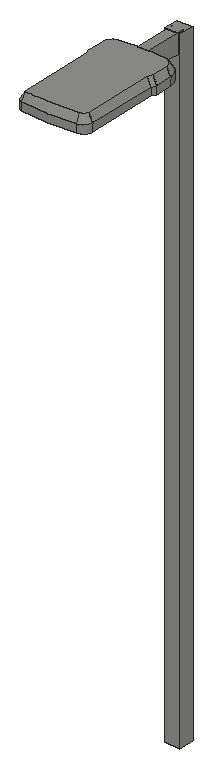
Revit family "VP-3-ASQU", category Lighting Fixtures, host Face, Revit 2019 (continued)
Definition of nested family "SIZE3"
  Forms (in)
    Extrusion 50, void
      sketch origin (0, 0, 3.625) x (1, 0, 0) y (0, 0, 1)
        loop
          line (6.815, 9.21501) -> (6.815, 10.21501)
          arc (6.815, 10.21501) -> (-0.07108, 8.88597) -> (-6.94707, 10.26622) r 18.15382
        loop
          line (-6.85535, 8.24972) -> (-6.85535, 7.97854)
          arc (-6.85535, 7.97854) -> (-0.06712, 6.63595) -> (6.73035, 7.93095) r 18.15382
          line (6.73035, 7.93095) -> (6.73035, 8.20243)
          arc (6.73035, 8.20243) -> (-0.06706, 6.91477) -> (-6.85535, 8.24972) r 18.25
        loop
          line (-6.85535, 7.49972) -> (-6.85535, 7.22854)
          arc (-6.85535, 7.22854) -> (-0.06712, 5.88595) -> (6.73035, 7.18095) r 18.15382
          line (6.73035, 7.18095) -> (6.73035, 7.45243)
          arc (6.73035, 7.45243) -> (-0.06706, 6.16477) -> (-6.85535, 7.49972) r 18.25
      from 1 to 1.75
    Blend 51, solid, material <- "Fixture"
      base sketch origin (0, 0, 0) x (1, 0, 0) y (0, 0, 1)
        loop
          arc (-6.75192, 33.95884) -> (-7.48558, 33.52919) -> (-7.77472, 32.72966) r 1.25
          line (-7.77472, 32.72966) -> (-7.77472, 15.72202) -> (-8.18, 14.67799) -> (-8.18, 10.64521)
          arc (-8.18, 10.64521) -> (-7.52407, 8.68733) -> (-5.82104, 7.51974) r 3.25
          arc (-5.82104, 7.51974) -> (-2.92086, 7.15165) -> (0, 7.02866) r 34.74571
          arc (0, 7.02866) -> (2.92086, 7.15165) -> (5.82104, 7.51974) r 34.74571
          arc (5.82104, 7.51974) -> (7.52407, 8.68733) -> (8.18, 10.64521) r 3.25
          line (8.18, 10.64521) -> (8.18, 14.67799) -> (7.7425, 15.80502) -> (7.7425, 32.05879)
          arc (7.7425, 32.05879) -> (7.16964, 33.45997) -> (5.77922, 34.05846) r 2
          arc (5.77922, 34.05846) -> (-0.48981, 34.44343) -> (-6.75192, 33.95884) r 45.36519
      top sketch origin (0, 0, 0) x (1, 0, 0) y (0, 0, 1)
        loop
          arc (5.71398, 33.05839) -> (-0.43659, 33.4438) -> (-6.58122, 32.97319) r 44.36519
          arc (-6.58122, 32.97319) -> (-6.72046, 32.88519) -> (-6.77472, 32.72966) r 0.25
          line (-6.77472, 32.72966) -> (-6.77472, 15.53474) -> (-7.18, 14.49071) -> (-7.18, 10.64521)
          arc (-7.18, 10.64521) -> (-6.74089, 9.30985) -> (-5.59495, 8.49571) r 2.25
          arc (-5.59495, 8.49571) -> (-2.89422, 8.15301) -> (-0.17465, 8.02912) r 33.74571
          arc (-0.17465, 8.02912) -> (2.72017, 8.13848) -> (5.59495, 8.49571) r 33.74571
          arc (5.59495, 8.49571) -> (6.74089, 9.30985) -> (7.18, 10.64521) r 2.25
          line (7.18, 10.64521) -> (7.18, 14.49071) -> (6.7425, 15.61774) -> (6.7425, 32.05879)
          arc (6.7425, 32.05879) -> (6.43945, 32.77591) -> (5.71398, 33.05839) r 1
      from 0 to -1.74
  Cuts and joins
    Extrusion 4, Extrusion 50 cuts Extrusion 2
    Extrusion 4, Extrusion 50 cuts Extrusion 3
    joined: Extrusion 2, Extrusion 3
  Dimensions and locks (in)
    equal spacing: plane 4, plane 3 "Center (Left/Right)", plane 5
    "Width": plane 4 to plane 5
    "Length": plane 7 to plane 6
    "Mount Length": plane 6 to plane 2
    aligned and locked: plane 2 to Extrusion 1
    aligned and locked: level to Extrusion 1
    aligned and locked: plane 1 "Center (Front/Back)" to Blend 51
  Automatic sketch dimensions
    Extrusion 1 sketch curve to Extrusion 1 sketch curve = 96.00"  (x2)
    Extrusion 2 sketch curve to plane 3 "Center (Left/Right)" = 0.00"
    Extrusion 2 sketch curve to plane 3 "Center (Left/Right)" = 0.12919"
    plane 5 to Extrusion 2 sketch curve = 3.125"
    plane 5 to Extrusion 2 sketch curve = 1.53028"
    plane 5 to Extrusion 2 sketch curve = 0.28028"
    Extrusion 2 sketch curve to plane 5 = 0.125"
    Extrusion 2 sketch curve to plane 4 = 3.125"
    Extrusion 2 sketch curve to plane 4 = 2.3125"
    Extrusion 2 sketch curve to plane 4 = 0.3125"
    plane 4 to Extrusion 2 sketch curve = 0.125"
    Extrusion 2 sketch curve to level = 10.92033"
    plane 6 to Extrusion 2 sketch curve = 3.14521"
    Extrusion 2 sketch curve to Extrusion 2 sketch curve = 0.00"
    Extrusion 2 sketch curve to Extrusion 2 sketch curve = 4.03278"  (x2)
    Extrusion 2 sketch curve to Extrusion 2 sketch curve = 1.04403"
    Extrusion 2 sketch curve to Extrusion 2 sketch curve = 1.12703"
    Extrusion 2 sketch curve to plane 7 = 2.41121"
    Extrusion 2 sketch curve to Extrusion 2 sketch curve = 0.67087"
    plane 7 to Extrusion 2 sketch curve = 7.30438"
    plane 6 to Extrusion 2 sketch curve = 0.01974"
    Extrusion 2 sketch curve to plane 7 = 0.51116"
    Extrusion 3 sketch curve to plane 9 = 0.00"
    Extrusion 3 sketch curve to plane 8 = 0.1127"
    plane 8 to Extrusion 3 sketch curve = 1.12955"
    Extrusion 3 sketch curve to level = 1.406"
    plane 6 to Extrusion 3 sketch curve = 0.63918"
    plane 5 to Extrusion 4 sketch curve = 1.27892"
    plane 3 "Center (Left/Right)" to Extrusion 4 sketch curve = 0.06506"
    Extrusion 4 sketch curve to plane 4 = 1.125"
    Extrusion 4 sketch curve to level = 39.4018"
    plane 6 to Extrusion 4 sketch curve = 7.63674"
    Extrusion 4 sketch curve to plane 7 = 2.31818"
    plane 5 to Extrusion 5 sketch curve = 2.15013"
    Extrusion 5 sketch curve to Extrusion 5 sketch curve = 0.35"  (x3)
    Extrusion 5 sketch curve to plane 4 = 2.50013"  (x2)
    Extrusion 5 sketch curve to plane 7 = 7.81818"
    Extrusion 5 sketch curve to plane 7 = 2.66818"
    plane 5 to Extrusion 6 sketch curve = 3.08171"
    Extrusion 6 sketch curve to Extrusion 6 sketch curve = 0.00"  (x61)
    Extrusion 6 sketch curve to Extrusion 6 sketch curve = 0.51875"  (x27)
    Extrusion 6 sketch curve to plane 7 = 7.01806"
    Extrusion 6 sketch curve to Extrusion 6 sketch curve = 0.50"  (x72)
    plane 5 to Extrusion 7 sketch curve = 2.39345"
    Extrusion 7 sketch curve to Extrusion 7 sketch curve = 0.25"  (x3)
    Extrusion 7 sketch curve to plane 3 "Center (Left/Right)" = 0.54655"  (x2)
    Extrusion 7 sketch curve to plane 7 = 7.5141"
    Extrusion 7 sketch curve to plane 7 = 2.7641"
    Extrusion 8 sketch curve to plane 4 = 1.99807"
    Extrusion 8 sketch curve to plane 8 = 0.46661"
    Extrusion 8 sketch curve to Extrusion 8 sketch curve = 0.02618"
    Extrusion 8 sketch curve to Extrusion 8 sketch curve = 0.1119"
    Extrusion 8 sketch curve to plane 8 = 0.03691"
    Extrusion 8 sketch curve to Extrusion 8 sketch curve = 0.36056"
    Extrusion 8 sketch curve to plane 8 = 0.00781"
    Extrusion 8 sketch curve to Extrusion 8 sketch curve = 0.06241"
    Extrusion 8 sketch curve to Extrusion 8 sketch curve = 0.42393"
    Extrusion 8 sketch curve to Extrusion 8 sketch curve = 0.73219"
    plane 4 to Extrusion 9 sketch curve = 3.08171"
    Extrusion 9 sketch curve to Extrusion 9 sketch curve = 0.00"  (x61)
    Extrusion 9 sketch curve to Extrusion 9 sketch curve = 0.51875"  (x27)
    plane 7 to Extrusion 9 sketch curve = 7.01806"
    Extrusion 9 sketch curve to Extrusion 9 sketch curve = 0.50"  (x72)
    plane 4 to Extrusion 10 sketch curve = 2.39345"
    Extrusion 10 sketch curve to Extrusion 10 sketch curve = 0.25"  (x3)
    Extrusion 10 sketch curve to plane 3 "Center (Left/Right)" = 0.54655"  (x2)
    plane 7 to Extrusion 10 sketch curve = 7.5141"
    plane 7 to Extrusion 10 sketch curve = 2.7641"
    plane 5 to Extrusion 11 sketch curve = 2.15013"
    Extrusion 11 sketch curve to Extrusion 11 sketch curve = 0.35"  (x3)
    Extrusion 11 sketch curve to plane 4 = 2.50013"  (x2)
    Extrusion 11 sketch curve to plane 7 = 13.31818"
    Extrusion 11 sketch curve to Extrusion 11 sketch curve = 4.80"
    plane 5 to Extrusion 12 sketch curve = 3.08171"
    Extrusion 12 sketch curve to Extrusion 12 sketch curve = 0.00"  (x61)
    Extrusion 12 sketch curve to Extrusion 12 sketch curve = 0.51875"  (x27)
    Extrusion 12 sketch curve to plane 7 = 12.51806"
    Extrusion 12 sketch curve to Extrusion 12 sketch curve = 0.50"  (x72)
    plane 5 to Extrusion 13 sketch curve = 2.39345"
    Extrusion 13 sketch curve to Extrusion 13 sketch curve = 0.25"  (x3)
    Extrusion 13 sketch curve to plane 3 "Center (Left/Right)" = 0.54655"  (x2)
    Extrusion 13 sketch curve to plane 7 = 13.0141"
    Extrusion 13 sketch curve to Extrusion 13 sketch curve = 4.50"
    plane 4 to Extrusion 14 sketch curve = 3.08171"
    Extrusion 14 sketch curve to Extrusion 14 sketch curve = 0.00"  (x61)
    Extrusion 14 sketch curve to Extrusion 14 sketch curve = 0.51875"  (x27)
    plane 7 to Extrusion 14 sketch curve = 12.51806"
    Extrusion 14 sketch curve to Extrusion 14 sketch curve = 0.50"  (x72)
    plane 4 to Extrusion 15 sketch curve = 2.39345"
    Extrusion 15 sketch curve to Extrusion 15 sketch curve = 0.25"  (x3)
    Extrusion 15 sketch curve to plane 3 "Center (Left/Right)" = 0.54655"  (x2)
    plane 7 to Extrusion 15 sketch curve = 13.0141"
    Extrusion 15 sketch curve to Extrusion 15 sketch curve = 4.50"
    Extrusion 16 sketch curve to plane 5 = 2.15013"
    Extrusion 16 sketch curve to Extrusion 16 sketch curve = 0.35"  (x3)
    plane 4 to Extrusion 16 sketch curve = 2.50013"  (x2)
    plane 7 to Extrusion 16 sketch curve = 13.31818"
    Extrusion 16 sketch curve to Extrusion 16 sketch curve = 4.80"
    Extrusion 17 sketch curve to plane 5 = 3.08171"
    Extrusion 17 sketch curve to Extrusion 17 sketch curve = 0.00"  (x61)
    Extrusion 17 sketch curve to Extrusion 17 sketch curve = 0.51875"  (x27)
    Extrusion 17 sketch curve to plane 6 = 12.8517"
    Extrusion 17 sketch curve to Extrusion 17 sketch curve = 0.50"  (x72)
    Extrusion 18 sketch curve to plane 5 = 2.39345"
    Extrusion 18 sketch curve to Extrusion 18 sketch curve = 0.25"  (x3)
    plane 3 "Center (Left/Right)" to Extrusion 18 sketch curve = 0.54655"  (x2)
    Extrusion 18 sketch curve to plane 6 = 13.34775"
    Extrusion 18 sketch curve to Extrusion 18 sketch curve = 4.50"
    Extrusion 19 sketch curve to plane 4 = 3.08171"
    Extrusion 19 sketch curve to Extrusion 19 sketch curve = 0.00"  (x61)
    Extrusion 19 sketch curve to Extrusion 19 sketch curve = 0.51875"  (x27)
    plane 6 to Extrusion 19 sketch curve = 12.8517"
    Extrusion 19 sketch curve to Extrusion 19 sketch curve = 0.50"  (x72)
    Extrusion 20 sketch curve to plane 4 = 2.39345"
    Extrusion 20 sketch curve to Extrusion 20 sketch curve = 0.25"  (x3)
    plane 3 "Center (Left/Right)" to Extrusion 20 sketch curve = 0.54655"  (x2)
    plane 6 to Extrusion 20 sketch curve = 13.34775"
    Extrusion 20 sketch curve to Extrusion 20 sketch curve = 4.50"
    Extrusion 21 sketch curve to plane 4 = 1.99807"
    Extrusion 21 sketch curve to plane 8 = 0.46661"
    Extrusion 21 sketch curve to Extrusion 21 sketch curve = 0.02618"
    Extrusion 21 sketch curve to Extrusion 21 sketch curve = 0.1119"
    Extrusion 21 sketch curve to plane 8 = 0.03691"
    Extrusion 21 sketch curve to Extrusion 21 sketch curve = 0.36056"
    Extrusion 21 sketch curve to plane 8 = 0.00781"
    Extrusion 21 sketch curve to Extrusion 21 sketch curve = 0.06241"
    Extrusion 21 sketch curve to Extrusion 21 sketch curve = 0.42393"
    Extrusion 21 sketch curve to Extrusion 21 sketch curve = 0.73219"
    Extrusion 22 sketch curve to plane 4 = 1.99807"
    Extrusion 22 sketch curve to plane 8 = 0.46661"
    Extrusion 22 sketch curve to Extrusion 22 sketch curve = 0.02618"
    Extrusion 22 sketch curve to Extrusion 22 sketch curve = 0.1119"
    Extrusion 22 sketch curve to plane 8 = 0.03691"
    Extrusion 22 sketch curve to Extrusion 22 sketch curve = 0.36056"
    Extrusion 22 sketch curve to plane 8 = 0.00781"
    Extrusion 22 sketch curve to Extrusion 22 sketch curve = 0.06241"
    Extrusion 22 sketch curve to Extrusion 22 sketch curve = 0.42393"
    Extrusion 22 sketch curve to Extrusion 22 sketch curve = 0.73219"
    Extrusion 23 sketch curve to plane 4 = 1.99807"
    Extrusion 23 sketch curve to plane 8 = 0.46661"
    Extrusion 23 sketch curve to Extrusion 23 sketch curve = 0.02618"
    Extrusion 23 sketch curve to Extrusion 23 sketch curve = 0.1119"
    Extrusion 23 sketch curve to plane 8 = 0.03691"
    Extrusion 23 sketch curve to Extrusion 23 sketch curve = 0.36056"
    Extrusion 23 sketch curve to plane 8 = 0.00781"
    Extrusion 23 sketch curve to Extrusion 23 sketch curve = 0.06241"
    Extrusion 23 sketch curve to Extrusion 23 sketch curve = 0.42393"
    Extrusion 23 sketch curve to Extrusion 23 sketch curve = 0.73219"
    Extrusion 24 sketch curve to plane 4 = 1.99807"
    Extrusion 24 sketch curve to plane 8 = 0.46661"
    Extrusion 24 sketch curve to Extrusion 24 sketch curve = 0.02618"
    Extrusion 24 sketch curve to Extrusion 24 sketch curve = 0.1119"
    Extrusion 24 sketch curve to plane 8 = 0.03691"
    Extrusion 24 sketch curve to Extrusion 24 sketch curve = 0.36056"
    Extrusion 24 sketch curve to plane 8 = 0.00781"
    Extrusion 24 sketch curve to Extrusion 24 sketch curve = 0.06241"
    Extrusion 24 sketch curve to Extrusion 24 sketch curve = 0.42393"
    Extrusion 24 sketch curve to Extrusion 24 sketch curve = 0.73219"
    Extrusion 25 sketch curve to plane 4 = 1.99807"
    Extrusion 25 sketch curve to plane 8 = 0.46661"
    Extrusion 25 sketch curve to Extrusion 25 sketch curve = 0.02618"
    Extrusion 25 sketch curve to Extrusion 25 sketch curve = 0.1119"
    Extrusion 25 sketch curve to plane 8 = 0.03691"
    Extrusion 25 sketch curve to Extrusion 25 sketch curve = 0.36056"
    Extrusion 25 sketch curve to plane 8 = 0.00781"
    Extrusion 25 sketch curve to Extrusion 25 sketch curve = 0.06241"
    Extrusion 25 sketch curve to Extrusion 25 sketch curve = 0.42393"
    Extrusion 25 sketch curve to Extrusion 25 sketch curve = 0.73219"
    Extrusion 26 sketch curve to plane 4 = 1.99807"
    Extrusion 26 sketch curve to plane 8 = 0.46661"
    Extrusion 26 sketch curve to Extrusion 26 sketch curve = 0.02618"
    Extrusion 26 sketch curve to Extrusion 26 sketch curve = 0.1119"
    Extrusion 26 sketch curve to plane 8 = 0.03691"
    Extrusion 26 sketch curve to Extrusion 26 sketch curve = 0.36056"
    Extrusion 26 sketch curve to plane 8 = 0.00781"
    Extrusion 26 sketch curve to Extrusion 26 sketch curve = 0.06241"
    Extrusion 26 sketch curve to Extrusion 26 sketch curve = 0.42393"
    Extrusion 26 sketch curve to Extrusion 26 sketch curve = 0.73219"
    Extrusion 27 sketch curve to plane 4 = 1.99807"
    Extrusion 27 sketch curve to plane 8 = 0.46661"
    Extrusion 27 sketch curve to Extrusion 27 sketch curve = 0.02618"
    Extrusion 27 sketch curve to Extrusion 27 sketch curve = 0.1119"
    Extrusion 27 sketch curve to plane 8 = 0.03691"
    Extrusion 27 sketch curve to Extrusion 27 sketch curve = 0.36056"
    Extrusion 27 sketch curve to plane 8 = 0.00781"
    Extrusion 27 sketch curve to Extrusion 27 sketch curve = 0.06241"
    Extrusion 27 sketch curve to Extrusion 27 sketch curve = 0.42393"
    Extrusion 27 sketch curve to Extrusion 27 sketch curve = 0.73219"
    Extrusion 28 sketch curve to plane 4 = 1.99807"
    Extrusion 28 sketch curve to plane 8 = 0.46661"
    Extrusion 28 sketch curve to Extrusion 28 sketch curve = 0.02618"
    Extrusion 28 sketch curve to Extrusion 28 sketch curve = 0.1119"
    Extrusion 28 sketch curve to plane 8 = 0.03691"
    Extrusion 28 sketch curve to Extrusion 28 sketch curve = 0.36056"
    Extrusion 28 sketch curve to plane 8 = 0.00781"
    Extrusion 28 sketch curve to Extrusion 28 sketch curve = 0.06241"
    Extrusion 28 sketch curve to Extrusion 28 sketch curve = 0.42393"
    Extrusion 28 sketch curve to Extrusion 28 sketch curve = 0.73219"
    Extrusion 29 sketch curve to plane 4 = 1.99807"
    Extrusion 29 sketch curve to plane 8 = 0.46661"
    Extrusion 29 sketch curve to Extrusion 29 sketch curve = 0.02618"
    Extrusion 29 sketch curve to Extrusion 29 sketch curve = 0.1119"
    Extrusion 29 sketch curve to plane 8 = 0.03691"
    Extrusion 29 sketch curve to Extrusion 29 sketch curve = 0.36056"
    Extrusion 29 sketch curve to plane 8 = 0.00781"
    Extrusion 29 sketch curve to Extrusion 29 sketch curve = 0.06241"
    Extrusion 29 sketch curve to Extrusion 29 sketch curve = 0.42393"
    Extrusion 29 sketch curve to Extrusion 29 sketch curve = 0.73219"
    Extrusion 30 sketch curve to plane 4 = 1.99807"
    Extrusion 30 sketch curve to plane 8 = 0.46661"
    Extrusion 30 sketch curve to Extrusion 30 sketch curve = 0.02618"
    Extrusion 30 sketch curve to Extrusion 30 sketch curve = 0.1119"
    Extrusion 30 sketch curve to plane 8 = 0.03691"
    Extrusion 30 sketch curve to Extrusion 30 sketch curve = 0.36056"
    Extrusion 30 sketch curve to plane 8 = 0.00781"
    Extrusion 30 sketch curve to Extrusion 30 sketch curve = 0.06241"
    Extrusion 30 sketch curve to Extrusion 30 sketch curve = 0.42393"
    Extrusion 30 sketch curve to Extrusion 30 sketch curve = 0.73219"
    Extrusion 31 sketch curve to plane 4 = 1.99807"
    Extrusion 31 sketch curve to plane 8 = 0.46661"
    Extrusion 31 sketch curve to Extrusion 31 sketch curve = 0.02618"
    Extrusion 31 sketch curve to Extrusion 31 sketch curve = 0.1119"
    Extrusion 31 sketch curve to plane 8 = 0.03691"
    Extrusion 31 sketch curve to Extrusion 31 sketch curve = 0.36056"
    Extrusion 31 sketch curve to plane 8 = 0.00781"
    Extrusion 31 sketch curve to Extrusion 31 sketch curve = 0.06241"
    Extrusion 31 sketch curve to Extrusion 31 sketch curve = 0.42393"
    Extrusion 31 sketch curve to Extrusion 31 sketch curve = 0.73219"
    Extrusion 32 sketch curve to plane 4 = 1.99807"
    Extrusion 32 sketch curve to plane 8 = 0.46661"
    Extrusion 32 sketch curve to Extrusion 32 sketch curve = 0.02618"
    Extrusion 32 sketch curve to Extrusion 32 sketch curve = 0.1119"
    Extrusion 32 sketch curve to plane 8 = 0.03691"
    Extrusion 32 sketch curve to Extrusion 32 sketch curve = 0.36056"
    Extrusion 32 sketch curve to plane 8 = 0.00781"
    Extrusion 32 sketch curve to Extrusion 32 sketch curve = 0.06241"
    Extrusion 32 sketch curve to Extrusion 32 sketch curve = 0.42393"
    Extrusion 32 sketch curve to Extrusion 32 sketch curve = 0.73219"
    Extrusion 33 sketch curve to plane 4 = 1.99807"
    Extrusion 33 sketch curve to plane 8 = 0.46661"
    Extrusion 33 sketch curve to Extrusion 33 sketch curve = 0.02618"
    Extrusion 33 sketch curve to Extrusion 33 sketch curve = 0.1119"
    Extrusion 33 sketch curve to plane 8 = 0.03691"
    Extrusion 33 sketch curve to Extrusion 33 sketch curve = 0.36056"
    Extrusion 33 sketch curve to plane 8 = 0.00781"
    Extrusion 33 sketch curve to Extrusion 33 sketch curve = 0.06241"
    Extrusion 33 sketch curve to Extrusion 33 sketch curve = 0.42393"
    Extrusion 33 sketch curve to Extrusion 33 sketch curve = 0.73219"
    Extrusion 34 sketch curve to plane 4 = 1.99807"
    Extrusion 34 sketch curve to plane 8 = 0.46661"
    Extrusion 34 sketch curve to Extrusion 34 sketch curve = 0.02618"
    Extrusion 34 sketch curve to Extrusion 34 sketch curve = 0.1119"
    Extrusion 34 sketch curve to plane 8 = 0.03691"
    Extrusion 34 sketch curve to Extrusion 34 sketch curve = 0.36056"
    Extrusion 34 sketch curve to plane 8 = 0.00781"
    Extrusion 34 sketch curve to Extrusion 34 sketch curve = 0.06241"
    Extrusion 34 sketch curve to Extrusion 34 sketch curve = 0.42393"
    Extrusion 34 sketch curve to Extrusion 34 sketch curve = 0.73219"
    plane 5 to Extrusion 35 sketch curve = 2.1387"
    Extrusion 35 sketch curve to plane 8 = 0.46661"
    Extrusion 35 sketch curve to Extrusion 35 sketch curve = 0.02618"
    Extrusion 35 sketch curve to Extrusion 35 sketch curve = 0.1119"
    Extrusion 35 sketch curve to plane 8 = 0.03691"
    Extrusion 35 sketch curve to Extrusion 35 sketch curve = 0.36056"
    Extrusion 35 sketch curve to plane 8 = 0.00781"
    Extrusion 35 sketch curve to Extrusion 35 sketch curve = 0.06241"
    Extrusion 35 sketch curve to Extrusion 35 sketch curve = 0.42393"
    Extrusion 35 sketch curve to Extrusion 35 sketch curve = 0.20146"
    plane 5 to Extrusion 36 sketch curve = 2.1387"
    Extrusion 36 sketch curve to plane 8 = 0.46661"
    Extrusion 36 sketch curve to Extrusion 36 sketch curve = 0.02618"
    Extrusion 36 sketch curve to Extrusion 36 sketch curve = 0.1119"
    Extrusion 36 sketch curve to plane 8 = 0.03691"
    Extrusion 36 sketch curve to Extrusion 36 sketch curve = 0.36056"
    Extrusion 36 sketch curve to plane 8 = 0.00781"
    Extrusion 36 sketch curve to Extrusion 36 sketch curve = 0.06241"
    Extrusion 36 sketch curve to Extrusion 36 sketch curve = 0.42393"
    Extrusion 36 sketch curve to Extrusion 36 sketch curve = 0.20146"
    plane 5 to Extrusion 37 sketch curve = 2.1387"
    Extrusion 37 sketch curve to plane 8 = 0.46661"
    Extrusion 37 sketch curve to Extrusion 37 sketch curve = 0.02618"
    Extrusion 37 sketch curve to Extrusion 37 sketch curve = 0.1119"
    Extrusion 37 sketch curve to plane 8 = 0.03691"
    Extrusion 37 sketch curve to Extrusion 37 sketch curve = 0.36056"
    Extrusion 37 sketch curve to plane 8 = 0.00781"
    Extrusion 37 sketch curve to Extrusion 37 sketch curve = 0.06241"
    Extrusion 37 sketch curve to Extrusion 37 sketch curve = 0.42393"
    Extrusion 37 sketch curve to Extrusion 37 sketch curve = 0.20146"
    plane 5 to Extrusion 38 sketch curve = 2.1387"
    Extrusion 38 sketch curve to plane 8 = 0.46661"
    Extrusion 38 sketch curve to Extrusion 38 sketch curve = 0.02618"
    Extrusion 38 sketch curve to Extrusion 38 sketch curve = 0.1119"
    Extrusion 38 sketch curve to plane 8 = 0.03691"
    Extrusion 38 sketch curve to Extrusion 38 sketch curve = 0.36056"
    Extrusion 38 sketch curve to plane 8 = 0.00781"
    Extrusion 38 sketch curve to Extrusion 38 sketch curve = 0.06241"
    Extrusion 38 sketch curve to Extrusion 38 sketch curve = 0.42393"
    Extrusion 38 sketch curve to Extrusion 38 sketch curve = 0.20146"
    plane 5 to Extrusion 39 sketch curve = 2.1387"
    Extrusion 39 sketch curve to plane 8 = 0.46661"
    Extrusion 39 sketch curve to Extrusion 39 sketch curve = 0.02618"
    Extrusion 39 sketch curve to Extrusion 39 sketch curve = 0.1119"
    Extrusion 39 sketch curve to plane 8 = 0.03691"
    Extrusion 39 sketch curve to Extrusion 39 sketch curve = 0.36056"
    Extrusion 39 sketch curve to plane 8 = 0.00781"
    Extrusion 39 sketch curve to Extrusion 39 sketch curve = 0.06241"
    Extrusion 39 sketch curve to Extrusion 39 sketch curve = 0.42393"
    Extrusion 39 sketch curve to Extrusion 39 sketch curve = 0.20146"
    plane 5 to Extrusion 40 sketch curve = 2.1387"
    Extrusion 40 sketch curve to plane 8 = 0.46661"
    Extrusion 40 sketch curve to Extrusion 40 sketch curve = 0.02618"
    Extrusion 40 sketch curve to Extrusion 40 sketch curve = 0.1119"
    Extrusion 40 sketch curve to plane 8 = 0.03691"
    Extrusion 40 sketch curve to Extrusion 40 sketch curve = 0.36056"
    Extrusion 40 sketch curve to plane 8 = 0.00781"
    Extrusion 40 sketch curve to Extrusion 40 sketch curve = 0.06241"
    Extrusion 40 sketch curve to Extrusion 40 sketch curve = 0.42393"
    Extrusion 40 sketch curve to Extrusion 40 sketch curve = 0.20146"
    plane 5 to Extrusion 41 sketch curve = 2.1387"
    Extrusion 41 sketch curve to plane 8 = 0.46661"
    Extrusion 41 sketch curve to Extrusion 41 sketch curve = 0.02618"
    Extrusion 41 sketch curve to Extrusion 41 sketch curve = 0.1119"
    Extrusion 41 sketch curve to plane 8 = 0.03691"
    Extrusion 41 sketch curve to Extrusion 41 sketch curve = 0.36056"
    Extrusion 41 sketch curve to plane 8 = 0.00781"
    Extrusion 41 sketch curve to Extrusion 41 sketch curve = 0.06241"
    Extrusion 41 sketch curve to Extrusion 41 sketch curve = 0.42393"
    Extrusion 41 sketch curve to Extrusion 41 sketch curve = 0.20146"
    plane 5 to Extrusion 42 sketch curve = 2.1387"
    Extrusion 42 sketch curve to plane 8 = 0.46661"
    Extrusion 42 sketch curve to Extrusion 42 sketch curve = 0.02618"
    Extrusion 42 sketch curve to Extrusion 42 sketch curve = 0.1119"
    Extrusion 42 sketch curve to plane 8 = 0.03691"
    Extrusion 42 sketch curve to Extrusion 42 sketch curve = 0.36056"
    Extrusion 42 sketch curve to plane 8 = 0.00781"
    Extrusion 42 sketch curve to Extrusion 42 sketch curve = 0.06241"
    Extrusion 42 sketch curve to Extrusion 42 sketch curve = 0.42393"
    Extrusion 42 sketch curve to Extrusion 42 sketch curve = 0.20146"
    plane 5 to Extrusion 43 sketch curve = 2.1387"
    Extrusion 43 sketch curve to plane 8 = 0.46661"
    Extrusion 43 sketch curve to Extrusion 43 sketch curve = 0.02618"
    Extrusion 43 sketch curve to Extrusion 43 sketch curve = 0.1119"
    Extrusion 43 sketch curve to plane 8 = 0.03691"
    Extrusion 43 sketch curve to Extrusion 43 sketch curve = 0.36056"
    Extrusion 43 sketch curve to plane 8 = 0.00781"
    Extrusion 43 sketch curve to Extrusion 43 sketch curve = 0.06241"
    Extrusion 43 sketch curve to Extrusion 43 sketch curve = 0.42393"
    Extrusion 43 sketch curve to Extrusion 43 sketch curve = 0.20146"
    plane 5 to Extrusion 44 sketch curve = 2.1387"
    Extrusion 44 sketch curve to plane 8 = 0.46661"
    Extrusion 44 sketch curve to Extrusion 44 sketch curve = 0.02618"
    Extrusion 44 sketch curve to Extrusion 44 sketch curve = 0.1119"
    Extrusion 44 sketch curve to plane 8 = 0.03691"
    Extrusion 44 sketch curve to Extrusion 44 sketch curve = 0.36056"
    Extrusion 44 sketch curve to plane 8 = 0.00781"
    Extrusion 44 sketch curve to Extrusion 44 sketch curve = 0.06241"
    Extrusion 44 sketch curve to Extrusion 44 sketch curve = 0.42393"
    Extrusion 44 sketch curve to Extrusion 44 sketch curve = 0.20146"
    plane 5 to Extrusion 45 sketch curve = 2.1387"
    Extrusion 45 sketch curve to plane 8 = 0.46661"
    Extrusion 45 sketch curve to Extrusion 45 sketch curve = 0.02618"
    Extrusion 45 sketch curve to Extrusion 45 sketch curve = 0.1119"
    Extrusion 45 sketch curve to plane 8 = 0.03691"
    Extrusion 45 sketch curve to Extrusion 45 sketch curve = 0.36056"
    Extrusion 45 sketch curve to plane 8 = 0.00781"
    Extrusion 45 sketch curve to Extrusion 45 sketch curve = 0.06241"
    Extrusion 45 sketch curve to Extrusion 45 sketch curve = 0.42393"
    Extrusion 45 sketch curve to Extrusion 45 sketch curve = 0.20146"
    plane 5 to Extrusion 46 sketch curve = 2.1387"
    Extrusion 46 sketch curve to plane 8 = 0.46661"
    Extrusion 46 sketch curve to Extrusion 46 sketch curve = 0.02618"
    Extrusion 46 sketch curve to Extrusion 46 sketch curve = 0.1119"
    Extrusion 46 sketch curve to plane 8 = 0.03691"
    Extrusion 46 sketch curve to Extrusion 46 sketch curve = 0.36056"
    Extrusion 46 sketch curve to plane 8 = 0.00781"
    Extrusion 46 sketch curve to Extrusion 46 sketch curve = 0.06241"
    Extrusion 46 sketch curve to Extrusion 46 sketch curve = 0.42393"
    Extrusion 46 sketch curve to Extrusion 46 sketch curve = 0.20146"
    plane 5 to Extrusion 47 sketch curve = 2.1387"
    Extrusion 47 sketch curve to plane 8 = 0.46661"
    Extrusion 47 sketch curve to Extrusion 47 sketch curve = 0.02618"
    Extrusion 47 sketch curve to Extrusion 47 sketch curve = 0.1119"
    Extrusion 47 sketch curve to plane 8 = 0.03691"
    Extrusion 47 sketch curve to Extrusion 47 sketch curve = 0.36056"
    Extrusion 47 sketch curve to plane 8 = 0.00781"
    Extrusion 47 sketch curve to Extrusion 47 sketch curve = 0.06241"
    Extrusion 47 sketch curve to Extrusion 47 sketch curve = 0.42393"
    Extrusion 47 sketch curve to Extrusion 47 sketch curve = 0.20146"
    plane 5 to Extrusion 48 sketch curve = 2.1387"
    Extrusion 48 sketch curve to plane 8 = 0.46661"
    Extrusion 48 sketch curve to Extrusion 48 sketch curve = 0.02618"
    Extrusion 48 sketch curve to Extrusion 48 sketch curve = 0.1119"
    Extrusion 48 sketch curve to plane 8 = 0.03691"
    Extrusion 48 sketch curve to Extrusion 48 sketch curve = 0.36056"
    Extrusion 48 sketch curve to plane 8 = 0.00781"
    Extrusion 48 sketch curve to Extrusion 48 sketch curve = 0.06241"
    Extrusion 48 sketch curve to Extrusion 48 sketch curve = 0.42393"
    Extrusion 48 sketch curve to Extrusion 48 sketch curve = 0.20146"
    plane 5 to Extrusion 49 sketch curve = 2.1387"
    Extrusion 49 sketch curve to plane 8 = 0.46661"
    Extrusion 49 sketch curve to Extrusion 49 sketch curve = 0.02618"
    Extrusion 49 sketch curve to Extrusion 49 sketch curve = 0.1119"
    Extrusion 49 sketch curve to plane 8 = 0.03691"
    Extrusion 49 sketch curve to Extrusion 49 sketch curve = 0.36056"
    Extrusion 49 sketch curve to plane 8 = 0.00781"
    Extrusion 49 sketch curve to Extrusion 49 sketch curve = 0.06241"
    Extrusion 49 sketch curve to Extrusion 49 sketch curve = 0.42393"
    Extrusion 49 sketch curve to Extrusion 49 sketch curve = 0.20146"
    plane 5 to Extrusion 50 sketch curve = 1.10793"
    Extrusion 50 sketch curve to Extrusion 50 sketch curve = 0.09172"
    Extrusion 50 sketch curve to Extrusion 50 sketch curve = 0.00"  (x2)
    Extrusion 50 sketch curve to plane 3 "Center (Left/Right)" = 0.00354"  (x6)
    Extrusion 50 sketch curve to plane 4 = 1.32465"
    Extrusion 50 sketch curve to Extrusion 50 sketch curve = 0.08465"
    plane 6 to Extrusion 50 sketch curve = 3.35354"
    level to Extrusion 50 sketch curve = 10.80595"
    Extrusion 50 sketch curve to Extrusion 50 sketch curve = 0.27118"  (x2)
    Extrusion 50 sketch curve to Extrusion 50 sketch curve = 0.27147"  (x2)
    Extrusion 50 sketch curve to Extrusion 50 sketch curve = 0.47882"
    Extrusion 50 sketch curve to Extrusion 50 sketch curve = 0.47853"
    Extrusion 50 sketch curve to Extrusion 50 sketch curve = 1.01649"
    Extrusion 50 sketch curve to Extrusion 50 sketch curve = 1.00"  (x2)
    Extrusion 50 sketch curve to Extrusion 50 sketch curve = 0.875"
    Blend 51 sketch curve to Blend 51 sketch curve = 0.00"  (x3)
    Blend 51 sketch curve to plane 3 "Center (Left/Right)" = 0.00"  (x2)
    Blend 51 sketch curve to plane 3 "Center (Left/Right)" = 0.12919"  (x2)
    plane 5 to Blend 51 sketch curve = 3.125"
    plane 5 to Blend 51 sketch curve = 1.53028"  (x2)
    plane 5 to Blend 51 sketch curve = 0.28028"
    Blend 51 sketch curve to plane 5 = 0.125"
    Blend 51 sketch curve to plane 4 = 3.125"
    Blend 51 sketch curve to plane 4 = 2.3125"  (x2)
    Blend 51 sketch curve to plane 4 = 0.3125"
    plane 4 to Blend 51 sketch curve = 0.125"
    Blend 51 sketch curve to level = 10.92033"  (x2)
    Blend 51 sketch curve to Blend 51 sketch curve = 4.03278"  (x2)
    Blend 51 sketch curve to Blend 51 sketch curve = 1.04403"  (x2)
    Blend 51 sketch curve to Blend 51 sketch curve = 1.12703"  (x2)
    Blend 51 sketch curve to plane 7 = 2.41121"  (x2)
    Blend 51 sketch curve to Blend 51 sketch curve = 0.67087"  (x2)
    Blend 51 sketch curve to plane 7 = 0.51116"
    plane 6 to Blend 51 sketch curve = 3.14521"  (x2)
    plane 6 to Blend 51 sketch curve = 0.01974"  (x2)
    Blend 51 sketch curve to plane 6 = 0.47134"
    Blend 51 sketch curve to Blend 51 sketch curve = 0.25"
    plane 5 to Blend 51 sketch curve = 0.875"
    Blend 51 sketch curve to Blend 51 sketch curve = 1.00"
    Blend 51 sketch curve to plane 4 = 0.875"
    Blend 51 sketch curve to Blend 51 sketch curve = 3.8455"  (x2)
    Blend 51 sketch curve to Blend 51 sketch curve = 0.0565"
    Blend 51 sketch curve to Blend 51 sketch curve = 2.25"  (x2)
    plane 6 to Blend 51 sketch curve = 0.99571"  (x2)
    plane 6 to Blend 51 sketch curve = 0.52912"
    Blend 51 sketch curve to plane 3 "Center (Left/Right)" = 0.17465"
    radius of Extrusion 6 sketch curve = 0.15"  (x81)
    radius of Extrusion 9 sketch curve = 0.15"  (x81)
    radius of Extrusion 12 sketch curve = 0.15"  (x81)
    radius of Extrusion 14 sketch curve = 0.15"  (x81)
    radius of Extrusion 17 sketch curve = 0.15"  (x81)
    radius of Extrusion 19 sketch curve = 0.15"  (x81)
